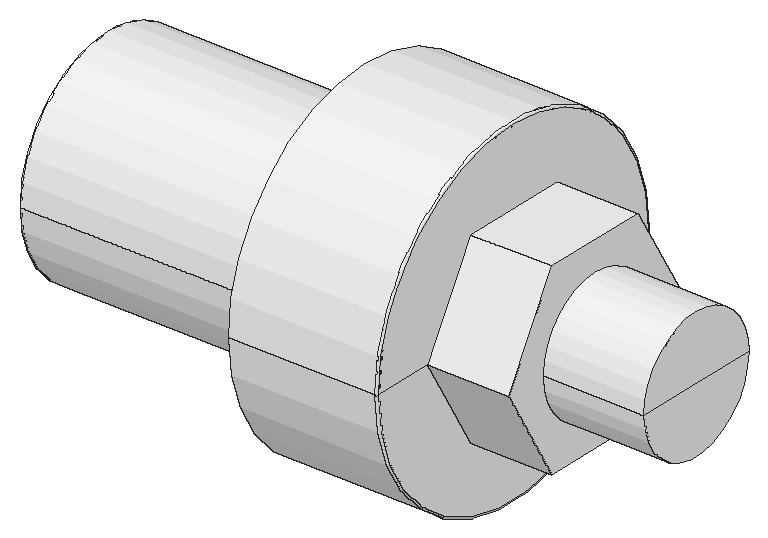
Revit family "BIMLIB_Муфта_комбинированная_НР_под_ключ_РОСТерм", category Соединительные детали трубопроводов, Revit 2017
Family settings
  Размер круглого соединителя = Использовать диаметр
  Тип детали = Соединение
  На основе рабочей плоскости = Нет
  Всегда вертикально = Да
  При загрузке вырезать с полостями = Нет
  Общий = Нет
Parameters (values of type "Муфта комбинированная, под ключ НР")
  Описание = "Муфта комбинированная наржуная резьба под ключ"  # constant formula
  K Coefficient = 0.5  # constant formula
  Изготовитель = "РОСТерм"  # constant formula
  URL = "http://rostherm.ru/"
  РТ_S [instance] = РТ_GN + 14 mm  # 46 mm
  РТ_L [instance] = size_lookup("Муфта комбинированная НР", "РТ_L", 0 mm, РТ_DN, РТ_GN)  # 63.5 mm
  РТ_GN [instance] = 32 mm
  РТ_D_нар [instance] = РТ_DN * 1.35  # 54 mm
  РТ_DN [instance] = 40 mm
  РТ_D [instance] = РТ_D_нар + 30 mm  # 84 mm
  BL_Разработано = "support@bimlib.ru"  # constant formula
  BL_Email = "rostherm@bimlib.ru"  # constant formula
  BL_BIM library = "https://bimlib.pro/manufacturer/rosterm/1632/"
  ADSK_Примечание = ""
  ADSK_Позиция = ""
  ADSK_Обозначение = "ГОСТ 32415-2013"  # constant formula
  ADSK_Наименование краткое [instance] = size_lookup("КРнаим", "", "-", РТ_DN, РТ_GN)  # "Муфта комбинированная, под ключ НР 40x1 1/4 \""
  ADSK_Наименование [instance] = size_lookup("Муфта комбинированная НР", "", "-", РТ_DN, РТ_GN)  # "Муфта комбинированная, под ключ наружная резьба 40x1 1/4 \""
  ADSK_Материал = BIMLIB_Белый_РТ
  ADSK_Масса = 0
  ADSK_Марка [instance] = size_lookup("марка", "", "-", РТ_DN, РТ_GN)  # "НР 40x1 1/4 \""
  ADSK_Код изделия [instance] = size_lookup("код", "", "-", РТ_DN, РТ_GN)  # "BN21426"
  ADSK_Завод-изготовитель = "РОСТерм"  # constant formula
  ADSK_Единица измерения = "шт"  # constant formula
  ADSK_Версия Revit = "2017"  # constant formula
  ADSK_URL страницы изделия = "http://rostherm.ru/truby-i-fitingi-iz-polipropilena-pprt/"
  ADSK_URL документации изделия = "http://rostherm.ru/"
Reference planes
  plane 1 "По центру (Вперед/Назад)": y = 0
  plane 2: z = 0
  plane 3 "По центру (Влево/Вправо)": x = 0
  plane 4: x = -63.5
  plane 5: x = 36.5
  plane 6: y = 42
  plane 7: y = -42
  plane 8: y = 27
  plane 9: y = -27
  plane 10: x = 56.5
  plane 11: x = 81.5
  plane 12: y = 16
  plane 13: y = -16
Forms (mm)
  Revolve 1, solid, material "BIMLIB_Белый_РТ" <- "ADSK_Материал", detail levels medium+fine
    sketch origin (0, 0, 0) x (1, 0, 0) y (0, 1, 0)
      loop
        line (0, 42) -> (0, 0) -> (36.5, 0) -> (36.5, 41.5)
        arc (36.5, 41.5) -> (36.354, 41.854) -> (36, 42) r 0.5
        line (36, 42) -> (0, 42)
      axis (0, 0) -> (36.5, 0)
    angle from 0 to 360
  Revolve 2, solid, material "BIMLIB_Белый_РТ" <- "ADSK_Материал", detail levels medium+fine
    sketch origin (0, 0, 0) x (1, 0, 0) y (0, 1, 0)
      loop
        arc (-63, 27) -> (-63.354, 26.854) -> (-63.5, 26.5) r 0.5
        line (-63.5, 26.5) -> (-63.5, 0) -> (0, 0) -> (0, 27) -> (-63, 27)
      axis (-63.5, 0) -> (0, 0)
    angle from 0 to 360
  Revolve 3, solid, material "BIMLIB_Белый_РТ" <- "ADSK_Материал", detail levels medium+fine
    sketch origin (0, 0, 0) x (1, 0, 0) y (0, 1, 0)
      loop
        line (56.5, 16) -> (56.5, 0) -> (81.5, 0) -> (81.5, 16) -> (56.5, 16)
      axis (56.5, 0) -> (81.5, 0)
    angle from 0 to 360
Lines and regions (mm)
  reference lines
    curve 1: line (-63.5, 0, 0) -> (56.5, 0, 0)
Dimensions and locks
  equal spacing: plane 6, plane 1 "По центру (Вперед/Назад)", plane 7
  "РТ_D": plane 6 to plane 7
  equal spacing: plane 8, plane 1 "По центру (Вперед/Назад)", plane 9
  "РТ_D_нар": plane 8 to plane 9
  locked: plane 5 to plane 10 at 20
  equal spacing: plane 13, plane 1 "По центру (Вперед/Назад)", plane 12
  "РТ_GN": plane 12 to plane 13
  "РТ_L": plane 4 to plane 3 "По центру (Влево/Вправо)"
  locked: plane 10 to plane 11 at 25
  radius of Revolve 1 sketch curve = 0.5 mm
  radius of Revolve 2 sketch curve = 0.5 mm
  aligned and locked: level to plane 2
  aligned and locked: Revolve 1 sketch curve to plane 6
  aligned and locked: plane 3 "По центру (Влево/Вправо)" to Revolve 1 sketch curve
  aligned and locked: Revolve 1 sketch curve to plane 1 "По центру (Вперед/Назад)"
  aligned and locked: Revolve 1 sketch curve to plane 5
  aligned and locked: Revolve 1 sketch curve to Revolve 1 sketch curve  (x2)
  aligned and locked: Revolve 2 sketch curve to plane 8
  aligned and locked: plane 4 to Revolve 2 sketch curve
  aligned and locked: Revolve 2 sketch curve to plane 1 "По центру (Вперед/Назад)"
  aligned and locked: Revolve 1 to Revolve 2 sketch curve
  aligned and locked: Revolve 2 sketch curve to Revolve 2 sketch curve  (x2)
  aligned and locked: plane 1 "По центру (Вперед/Назад)" to nested 1
  aligned and locked: plane 3 "По центру (Влево/Вправо)" to nested 1
  aligned and locked: plane 4 to nested 1
  aligned and locked: plane 4 to curve 1
  aligned and locked: plane 1 "По центру (Вперед/Назад)" to curve 1
  aligned and locked: plane 1 "По центру (Вперед/Назад)" to nested 2
  aligned and locked: plane 2 to nested 2
  aligned and locked: plane 5 to nested 2
  aligned and locked: nested 2 to plane 10
  aligned and locked: nested 1 to plane 10
  aligned and locked: plane 10 to curve 1
  aligned and locked: Revolve 3 sketch curve to plane 12
  aligned and locked: Revolve 3 sketch curve to plane 10
  aligned and locked: Revolve 3 sketch curve to plane 1 "По центру (Вперед/Назад)"
  aligned and locked: plane 11 to Revolve 3 sketch curve
  aligned and locked: Revolve 3 sketch curve to Revolve 3 sketch curve  (x2)
Automatic sketch dimensions
  Revolve 1 sketch curve to plane 5 = 0.24 mm
  Revolve 2 sketch curve to plane 3 "По центру (Влево/Вправо)" = 0 mm
  Revolve 2 sketch curve to Revolve 2 sketch curve = 0 mm
  Revolve 3 sketch curve to plane 11 = 0 mm
Nested families
  nested 1: "УГО_Переходник" at (0, 0, 0), Высота_ном <- "РТ_D", Длина ном1 <- "РТ_L", type "УГО_Переходник", detail levels coarse
    with Длина_ном 56.5 mm, Длина ном1 63.5 mm, Высота_ном 84 mm
  nested 2: "Гайка" at (36.5, 0, 0), S <- "РТ_S", Материал гайки <- "ADSK_Материал", type "Гайка", detail levels medium+fine
    with Материал гайки BIMLIB_Белый_РТ, h 20 mm, S 46 mm
Connectors
  piping at (-63.5, 0, 0), diameter 40, driven by "РТ_DN"
    settings: on curve 1, index 1, connector inside diameter 609.6 mm, connector length 0 mm, flow factor 0, pipe flow 0.0 L/s, pressure drop 0.0 Pa, fitting loss kfactor 0, connector angle 0.00°, fixture units 0, engagement length 0 mm, angle of deflection 0.00°, flow configuration 0, flow direction 0, fitting loss method 4, system type 28, joint type 0, gender type 0, connector reference index 2, connector utility 0, adjustable connector yes, is connector primary yes, connector description ""
  piping at (56.5, 0, 0), diameter 32, driven by "РТ_GN"
    settings: on curve 1, index 2, connector inside diameter 609.6 mm, connector length 0 mm, flow factor 0, pipe flow 0.0 L/s, pressure drop 0.0 Pa, fitting loss kfactor 0, connector angle 0.00°, fixture units 0, engagement length 0 mm, angle of deflection 0.00°, flow configuration 0, flow direction 0, fitting loss method 4, system type 28, joint type 0, gender type 0, connector reference index 1, connector utility 0, adjustable connector yes, is connector primary no, connector description ""
Definition of nested family "Гайка"
  Parameters (values of type "Гайка 6")
    Материал гайки [instance] = none
    h [instance] = 12 mm
    S [instance] = 32 mm
  Reference planes
    plane 1 "По центру (Вперед/Назад)": y = 0
    plane 2: z = 0
    plane 3 "По центру (Влево/Вправо)": x = 0
    plane 4: x = 12
  Forms (mm)
    Extrusion 1, solid, material <- "Материал гайки"
      sketch origin (0, 0, 0) x (0, 1, 0) y (0, 0, 1)
        loop
          line (-9.238, 16) -> (-18.475, 0) -> (-9.238, -16) -> (9.238, -16) -> (18.475, 0) -> (9.238, 16) -> (-9.238, 16)
      from 0 to 12
  Dimensions and locks
    equal spacing: Extrusion 1 sketch curve, plane 2, Extrusion 1 sketch curve  (x3)
    "S": Extrusion 1 sketch curve to Extrusion 1 sketch curve  (x3)
    "h": plane 3 "По центру (Влево/Вправо)" to plane 4
    locked: Extrusion 1 sketch curve to Extrusion 1 sketch curve (angle 120.00°)  (x5)
    aligned and locked: level to plane 2
    aligned and locked: plane 4 to Extrusion 1
Definition of nested family "УГО_Переходник"
  Parameters (values of type "УГО_Переходник")
    Длина_ном [instance] = 70 mm
    Длина ном1 [instance] = 70 mm
    Высота_ном [instance] = 40 mm
  Reference planes
    plane 1 "По центру (Вперед/Назад)": y = 0
    plane 2: z = 0
    plane 3 "По центру (Влево/Вправо)": x = 0
    plane 4: z = 20
    plane 5: z = -20
    plane 6: x = -70
    plane 7: x = 70
    plane 8: y = 20
    plane 9: y = -20
  Lines and regions (mm)
    symbolic lines, detail levels coarse+medium
      curve 1: line (-70, -20, 0) -> (-70, 20, 0)
      curve 5: line (-70, 20, 0) -> (70, 0, 0)
      curve 6: line (-70, -20, 0) -> (70, 0, 0)
    model lines, detail levels coarse+medium
      curve 2: line (-70, -20, 0) -> (-70, 20, 0)
      curve 3: line (-70, 20, 0) -> (70, 0, 0)
      curve 4: line (-70, -20, 0) -> (70, 0, 0)
  Dimensions and locks
    equal spacing: plane 4, plane 2, plane 5
    "Высота_ном": plane 4 to plane 5
    equal spacing: plane 8, plane 1 "По центру (Вперед/Назад)", plane 9
    "Высота_ном": plane 8 to plane 9
    "Длина_ном": plane 3 "По центру (Влево/Вправо)" to plane 7
    "Длина ном1": plane 6 to plane 3 "По центру (Влево/Вправо)"
    aligned and locked: level to plane 2
    aligned and locked: plane 9 to curve 4
    aligned and locked: plane 1 "По центру (Вперед/Назад)" to curve 4
    aligned and locked: plane 8 to curve 5
    aligned and locked: plane 6 to curve 5
    aligned and locked: plane 7 to curve 4
    aligned and locked: plane 7 to curve 3
  Automatic sketch dimensions
    curve 5 to plane 7 = 0 mm
